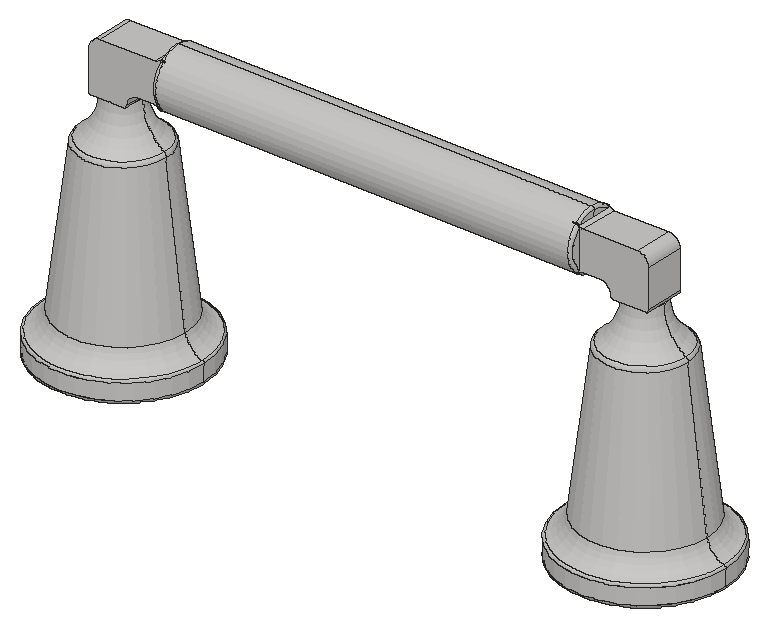
Revit family "FG74855-SUP473283_BIM", category Plumbing Fixtures, host Face, Revit 2014
Parameters (values of type "Standard")
  Width = 8 1/2"  # constant formula
  Vent Connection = no
  URL = ""
  Manufacturer = ""
  Faucet Material = Metal - Delta - Stainless-Steel
  Model = "FG74855-SUP473283"  # constant formula
  Height = 3 43/64"  # constant formula
  Description = "Faucet"  # constant formula
  Depth = 2 1/64"  # constant formula
  Default Elevation = 0"
Reference planes (in)
  plane 1 "Center (Front/Back)": y = 0
  plane 2: z = 0
  plane 3 "Center (Left/Right)": x = 0
  plane 4: y = 1.00781
  plane 5: y = -1.00781
  plane 6: z = 3.67187
  plane 7: x = 10.125
  plane 8: x = -4.25
  plane 9: x = 4.25
Forms (in)
  Revolve 1, solid, material "Metal - Delta - Stainless-Steel" <- "Faucet Material"
    sketch origin (2.12508, 0, 0) x (1, 0, 0) y (0, 0, 1)
      loop
        line (-6.29032, 0) -> (-6.29032, 0.22378)
        arc (-6.29032, 0.22378) -> (-6.15704, 0.33659) -> (-6.08438, 0.49536) r 0.40081
        arc (-6.08438, 0.49536) -> (-5.91915, 1.43185) -> (-5.81985, 2.37761) r 13.58497
        arc (-5.81985, 2.37761) -> (-5.61627, 2.61229) -> (-5.53979, 2.91341) r 0.67301
        line (-5.53979, 2.91341) -> (-5.60164, 2.91341)
        arc (-5.60164, 2.91341) -> (-5.66764, 2.63152) -> (-5.86144, 2.41646) r 0.58117
        arc (-5.86144, 2.41646) -> (-5.88364, 2.39302) -> (-5.89331, 2.36222) r 0.07173
        arc (-5.89331, 2.36222) -> (-5.98688, 1.42749) -> (-6.12228, 0.49789) r 20.93898
        arc (-6.12228, 0.49789) -> (-6.20088, 0.35629) -> (-6.33775, 0.26972) r 0.32726
        arc (-6.33775, 0.26972) -> (-6.35516, 0.25707) -> (-6.36182, 0.2366) r 0.03482
        line (-6.36182, 0.2366) -> (-6.36182, 0.03864)
        arc (-6.36182, 0.03864) -> (-6.3505, 0.01132) -> (-6.32318, 0) r 0.03864
        line (-6.32318, 0) -> (-6.29032, 0)
      axis (-5.36183, 0) -> (-5.36183, 2.91341)
    angle from 0 to 360
  Extrusion 2, solid, material "Metal - Delta - Stainless-Steel" <- "Faucet Material"
    sketch origin (2.12508, 0, 0) x (1, 0, 0) y (0, 0, 1)
      loop
        arc (-5.46132, 3.56021) -> (-5.56054, 3.51911) -> (-5.60164, 3.41989) r 0.14032
        line (-5.60164, 3.41989) -> (-5.60164, 2.94817)
        arc (-5.60164, 2.94817) -> (-5.59157, 2.92386) -> (-5.56726, 2.91379) r 0.03438
        line (-5.56726, 2.91379) -> (-5.16427, 2.91379)
        arc (-5.16427, 2.91379) -> (-5.13752, 2.92443) -> (-5.1254, 2.95054) r 0.03893
        arc (-5.1254, 2.95054) -> (-5.08182, 3.0444) -> (-4.98567, 3.08266) r 0.13995
        line (-4.98567, 3.08266) -> (-4.78825, 3.08266)
        arc (-4.78825, 3.08266) -> (-4.75486, 3.07531) -> (-4.72764, 3.05461) r 0.07949
        arc (-4.72764, 3.05461) -> (-4.71495, 3.04495) -> (-4.69937, 3.04152) r 0.03709
        line (-4.69937, 3.04152) -> (-4.66059, 3.04152) -> (-4.66059, 3.59776) -> (-4.69941, 3.59776)
        arc (-4.69941, 3.59776) -> (-4.71499, 3.59447) -> (-4.72789, 3.58516) r 0.03847
        arc (-4.72789, 3.58516) -> (-4.75343, 3.56673) -> (-4.78424, 3.56021) r 0.07611
        line (-4.78424, 3.56021) -> (-5.46132, 3.56021)
    from -0.23981 to 0.2398
  Revolve 3, solid, material "Metal - Delta - Stainless-Steel" <- "Faucet Material"
    sketch origin (5.75459, 0, 0) x (1, 0, 0) y (0, 0, 1)
      loop
        line (-3.18819, 3.68473) -> (-8.30067, 3.68473)
        arc (-8.30067, 3.68473) -> (-8.32834, 3.67327) -> (-8.3398, 3.64561) r 0.03913
        line (-8.3398, 3.64561) -> (-8.3398, 3.32015) -> (-3.15239, 3.32015) -> (-3.15239, 3.64893)
        arc (-3.15239, 3.64893) -> (-3.16287, 3.67425) -> (-3.18819, 3.68473) r 0.0358
      axis (-8.3398, 3.32015) -> (-3.15239, 3.32015)
    angle from 0 to 360
  Revolve 4, solid, material "Metal - Delta - Stainless-Steel" <- "Faucet Material"
    sketch origin (-2.12508, 0, 0) x (-1, 0, 0) y (0, 0, -1)
      loop
        line (-6.29032, 0) -> (-6.32318, 0)
        arc (-6.32318, 0) -> (-6.3505, -0.01132) -> (-6.36182, -0.03864) r 0.03864
        line (-6.36182, -0.03864) -> (-6.36182, -0.2366)
        arc (-6.36182, -0.2366) -> (-6.35516, -0.25707) -> (-6.33775, -0.26972) r 0.03482
        arc (-6.33775, -0.26972) -> (-6.20088, -0.35629) -> (-6.12228, -0.49789) r 0.32726
        arc (-6.12228, -0.49789) -> (-5.98688, -1.42749) -> (-5.89331, -2.36222) r 20.93898
        arc (-5.89331, -2.36222) -> (-5.88364, -2.39302) -> (-5.86144, -2.41646) r 0.07173
        arc (-5.86144, -2.41646) -> (-5.66764, -2.63152) -> (-5.60164, -2.91341) r 0.58117
        line (-5.60164, -2.91341) -> (-5.53979, -2.91341)
        arc (-5.53979, -2.91341) -> (-5.61627, -2.61229) -> (-5.81985, -2.37761) r 0.67301
        arc (-5.81985, -2.37761) -> (-5.91915, -1.43185) -> (-6.08438, -0.49536) r 13.58497
        arc (-6.08438, -0.49536) -> (-6.15704, -0.33659) -> (-6.29032, -0.22378) r 0.40081
        line (-6.29032, -0.22378) -> (-6.29032, 0)
      axis (-5.36183, 0) -> (-5.36183, -2.91341)
    angle from 0 to 360
  Extrusion 5, solid, material "Metal - Delta - Stainless-Steel" <- "Faucet Material"
    sketch origin (-2.12508, 0, 0) x (-1, 0, 0) y (0, 0, -1)
      loop
        line (-5.46132, -3.56021) -> (-4.78424, -3.56021)
        arc (-4.78424, -3.56021) -> (-4.75343, -3.56673) -> (-4.72789, -3.58516) r 0.07611
        arc (-4.72789, -3.58516) -> (-4.71499, -3.59447) -> (-4.69941, -3.59776) r 0.03847
        line (-4.69941, -3.59776) -> (-4.66059, -3.59776) -> (-4.66059, -3.04152) -> (-4.69937, -3.04152)
        arc (-4.69937, -3.04152) -> (-4.71495, -3.04495) -> (-4.72764, -3.05461) r 0.03709
        arc (-4.72764, -3.05461) -> (-4.75486, -3.07531) -> (-4.78825, -3.08266) r 0.07949
        line (-4.78825, -3.08266) -> (-4.98567, -3.08266)
        arc (-4.98567, -3.08266) -> (-5.08182, -3.0444) -> (-5.1254, -2.95054) r 0.13995
        arc (-5.1254, -2.95054) -> (-5.13752, -2.92443) -> (-5.16427, -2.91379) r 0.03893
        line (-5.16427, -2.91379) -> (-5.56726, -2.91379)
        arc (-5.56726, -2.91379) -> (-5.59157, -2.92386) -> (-5.60164, -2.94817) r 0.03438
        line (-5.60164, -2.94817) -> (-5.60164, -3.41989)
        arc (-5.60164, -3.41989) -> (-5.56054, -3.51911) -> (-5.46132, -3.56021) r 0.14032
    from -0.23981 to 0.2398
Dimensions and locks (in)
  equal spacing: plane 4, plane 1 "Center (Front/Back)", plane 5
  "Depth": plane 4 to plane 5
  "Height": plane 6 to plane 2
  equal spacing: plane 8, plane 3 "Center (Left/Right)", plane 9
  "Width": plane 8 to plane 9
  aligned and locked: plane 2 to host face
  aligned and locked: level to host face
Automatic sketch dimensions
  host sketch curve to host sketch curve = 96"  (x2)
  Revolve 1 sketch curve to level = 0"
  Revolve 1 sketch curve to plane 6 = 0.30802"
  Revolve 1 sketch curve to plane 8 = 20.39464"
  plane 6 to Revolve 1 sketch curve = 0.34936"
  Revolve 1 sketch curve to Revolve 1 sketch curve = 7.3978"
  Revolve 1 sketch curve to plane 8 = 0.10134"
  Revolve 1 sketch curve to Revolve 1 sketch curve = 0.0376"
  plane 8 to Revolve 1 sketch curve = 0.01326"
  Revolve 1 sketch curve to Revolve 1 sketch curve = 0.03482"
  plane 8 to Revolve 1 sketch curve = 0.0519"
  Revolve 1 sketch curve to Revolve 1 sketch curve = 0.03286"
  plane 8 to Revolve 1 sketch curve = 0.16236"
  Revolve 1 sketch curve to Revolve 1 sketch curve = 0.03004"
  plane 8 to Revolve 1 sketch curve = 0.55328"
  Revolve 1 sketch curve to Revolve 1 sketch curve = 0.58103"
  Revolve 1 sketch curve to Revolve 1 sketch curve = 0.06185"
  Revolve 1 sketch curve to Revolve 1 sketch curve = 0.18514"
  Revolve 1 sketch curve to Revolve 1 sketch curve = 0.01282"
  Revolve 1 sketch curve to Revolve 1 sketch curve = 0.34218"
  Revolve 1 sketch curve to Revolve 1 sketch curve = 0.00221"
  plane 6 to Revolve 1 sketch curve = 1.3152"
  Revolve 1 sketch curve to Revolve 1 sketch curve = 0.54411"
  Revolve 1 sketch curve to Revolve 1 sketch curve = 0.01262"
  Revolve 1 sketch curve to Revolve 1 sketch curve = 0.02327"
  Revolve 1 sketch curve to Revolve 1 sketch curve = 0"  (x3)
  Revolve 1 sketch curve to Revolve 1 sketch curve = 0.0379"
  level to Revolve 1 sketch curve = 0.25814"
  Revolve 1 sketch curve to Revolve 1 sketch curve = 0.72255"
  level to Revolve 1 sketch curve = 0.04156"
  plane 6 to Extrusion 2 sketch curve = 0.25198"
  plane 8 to Extrusion 2 sketch curve = 99/128"
  Extrusion 2 sketch curve to Extrusion 2 sketch curve = 0.03438"
  plane 6 to Extrusion 2 sketch curve = 0.11166"
  Extrusion 2 sketch curve to Extrusion 2 sketch curve = 0.40299"
  Extrusion 2 sketch curve to Extrusion 2 sketch curve = 0.1786"
  Extrusion 2 sketch curve to Extrusion 2 sketch curve = 0.19742"
  Extrusion 2 sketch curve to Extrusion 2 sketch curve = 0.00401"
  Extrusion 2 sketch curve to Extrusion 2 sketch curve = 0.08483"
  Extrusion 2 sketch curve to Extrusion 2 sketch curve = 0.08888"
  Extrusion 2 sketch curve to Extrusion 2 sketch curve = 0.03882"
  Extrusion 2 sketch curve to Extrusion 2 sketch curve = 0.47755"
  Extrusion 2 sketch curve to Extrusion 2 sketch curve = 0.00405"
  Extrusion 2 sketch curve to Extrusion 2 sketch curve = 0.03709"
  Extrusion 2 sketch curve to Extrusion 2 sketch curve = 0.07949"
  Extrusion 2 sketch curve to Extrusion 2 sketch curve = 0.12994"
  Extrusion 2 sketch curve to Extrusion 2 sketch curve = 0.00455"
  Extrusion 2 sketch curve to Extrusion 2 sketch curve = 0.13995"
  Extrusion 2 sketch curve to Extrusion 2 sketch curve = 0.00092"
  Extrusion 2 sketch curve to Extrusion 2 sketch curve = 0.03847"
  plane 6 to Extrusion 2 sketch curve = 0.03555"
  plane 6 to Revolve 3 sketch curve = 0.35172"  (x2)
  plane 8 to Revolve 3 sketch curve = 1.66479"
  Revolve 3 sketch curve to Revolve 3 sketch curve = 0.03913"
  plane 6 to Revolve 3 sketch curve = 0.02294"
  Revolve 3 sketch curve to plane 9 = 1 175/256"
  Revolve 3 sketch curve to Revolve 3 sketch curve = 0.0358"
  plane 3 "Center (Left/Right)" to Revolve 3 sketch curve = 1.20388"
  Revolve 3 sketch curve to Revolve 3 sketch curve = 0.25226"
  Revolve 4 sketch curve to level = 0"
  Revolve 4 sketch curve to plane 6 = 0.30802"
  plane 7 to Revolve 4 sketch curve = 14.51964"
  plane 6 to Revolve 4 sketch curve = 0.34936"
  plane 7 to Revolve 4 sketch curve = 7.12184"
  plane 9 to Revolve 4 sketch curve = 0.10134"
  Revolve 4 sketch curve to Revolve 4 sketch curve = 0.0376"
  Revolve 4 sketch curve to plane 9 = 0.01326"
  Revolve 4 sketch curve to Revolve 4 sketch curve = 0.03482"
  Revolve 4 sketch curve to plane 9 = 0.0519"
  Revolve 4 sketch curve to Revolve 4 sketch curve = 0.03286"
  Revolve 4 sketch curve to plane 9 = 0.16236"
  Revolve 4 sketch curve to Revolve 4 sketch curve = 0.03004"
  Revolve 4 sketch curve to plane 9 = 0.55328"
  Revolve 4 sketch curve to Revolve 4 sketch curve = 0.58103"
  Revolve 4 sketch curve to Revolve 4 sketch curve = 0.06185"
  plane 6 to Revolve 4 sketch curve = 0.74782"
  Revolve 4 sketch curve to Revolve 4 sketch curve = 0.01065"
  Revolve 4 sketch curve to Revolve 4 sketch curve = 0.02327"
  Revolve 4 sketch curve to Revolve 4 sketch curve = 0.55673"
  Revolve 4 sketch curve to Revolve 4 sketch curve = 0.54234"
  Revolve 4 sketch curve to Revolve 4 sketch curve = 0.00221"
  Revolve 4 sketch curve to Revolve 4 sketch curve = 0.19796"
  Revolve 4 sketch curve to Revolve 4 sketch curve = 0.01282"
  Revolve 4 sketch curve to Revolve 4 sketch curve = 0"  (x3)
  Revolve 4 sketch curve to Revolve 4 sketch curve = 0.0379"
  level to Revolve 4 sketch curve = 0.25814"
  Revolve 4 sketch curve to Revolve 4 sketch curve = 0.72255"
  level to Revolve 4 sketch curve = 0.04156"
  plane 6 to Extrusion 5 sketch curve = 0.25198"
  Extrusion 5 sketch curve to plane 9 = 99/128"
  Extrusion 5 sketch curve to Extrusion 5 sketch curve = 0.03438"
  plane 6 to Extrusion 5 sketch curve = 0.11166"
  Extrusion 5 sketch curve to Extrusion 5 sketch curve = 0.40299"
  Extrusion 5 sketch curve to Extrusion 5 sketch curve = 0.1786"
  Extrusion 5 sketch curve to Extrusion 5 sketch curve = 0.19742"
  Extrusion 5 sketch curve to Extrusion 5 sketch curve = 0.00401"
  Extrusion 5 sketch curve to Extrusion 5 sketch curve = 0.08483"
  Extrusion 5 sketch curve to Extrusion 5 sketch curve = 0.08888"
  Extrusion 5 sketch curve to Extrusion 5 sketch curve = 0.03882"
  plane 6 to Extrusion 5 sketch curve = 0.07411"
  plane 6 to Extrusion 5 sketch curve = 0.03555"
  Extrusion 5 sketch curve to Extrusion 5 sketch curve = 0.03847"
  Extrusion 5 sketch curve to Extrusion 5 sketch curve = 0.47755"
  Extrusion 5 sketch curve to Extrusion 5 sketch curve = 0.00405"
  Extrusion 5 sketch curve to Extrusion 5 sketch curve = 0.03709"
  Extrusion 5 sketch curve to Extrusion 5 sketch curve = 0.07949"
  Extrusion 5 sketch curve to Extrusion 5 sketch curve = 0.12994"
  Extrusion 5 sketch curve to Extrusion 5 sketch curve = 0.00455"
  Extrusion 5 sketch curve to Extrusion 5 sketch curve = 0.13995"
